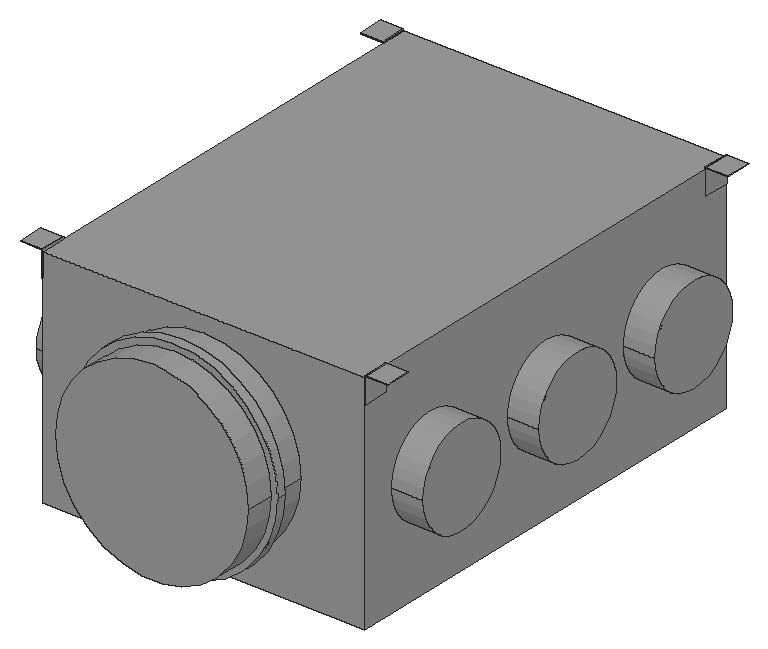
Revit family "FASU(F6-150 300Φ)", category ダクト付属品, Revit 2021
Family settings
  丸型コネクタ寸法 = 直径を使用
  パーツ タイプ = ダンパー
  OmniClass 番号 = 23.75.00.00
  OmniClass タイトル = Climate Control (HVAC)
  作業面ベース = いいえ
  常に垂直 = はい
  ロード時にボイドで切り取り = いいえ
  共有 = いいえ
Parameters
  高さ = 350 mm
  風量 = 0.0 L/s
  符号 = "FASU"
  形式 = "F6-150 300φ"
  幅 [instance] = 500 mm
  奥行き = 700 mm
  大きさ = 250 mm
  呼称 = "FASUチャンバー"
  付属品_下端レベル [instance] = 0 mm
  マテリアル [instance] = 既定値
  ダクト_イン = 300 mm
  ダクト_アウト = 150 mm
  既定の高さ = 0 mm
Reference planes
  plane 1 "中心(正面/背面)": y = 0
  plane 2: z = 0
  plane 3 "中心(左/右)": x = 0
  plane 4: x = -250
  plane 5: x = 250
  plane 6: y = -700
  plane 7: z = 350
  plane 8: z = 175
  plane 9: z = 266.963
  plane 10: z = 86.159
  plane 11: x = -251
  plane 12: z = 313.122
  plane 13: z = 352.122
  plane 14: y = -350
Forms (mm)
  Extrusion 1, solid, material "既定値" <- "マテリアル"
    sketch origin (0, 0, 0) x (1, 0, 0) y (0, 1, 0)
      loop
        line (-250, 0) -> (-250, -700) -> (250, -700) -> (250, 0) -> (-250, 0)
    from 0 to 350
  Extrusion 2, solid, material "既定値" <- "マテリアル"
    sketch origin (0, -30, 0) x (1, 0, 0) y (0, 1, 0)
      loop
        line (-250, 30) -> (-251, 30) -> (-251, -10) -> (-250, -10) -> (-250, 30)
    from 313.122 to 350
  Extrusion 3, solid, material "既定値" <- "マテリアル"
    sketch origin (0, -30, 0) x (1, 0, 0) y (0, 1, 0)
      loop
        line (-285, 30) -> (-285, -10) -> (-251, -10) -> (-251, 30) -> (-285, 30)
    from 352.122 to 350
  Extrusion 4, solid, material "既定値" <- "マテリアル"
    sketch origin (0, -30, 0) x (-1, 0, 0) y (0, -1, 0)
      loop
        line (-250, -30) -> (-250, 10) -> (-251, 10) -> (-251, -30) -> (-250, -30)
    from 313.122 to 353.122
  Extrusion 5, solid, material "既定値" <- "マテリアル"
    sketch origin (0, -30, 0) x (-1, 0, 0) y (0, -1, 0)
      loop
        line (-285, -30) -> (-251, -30) -> (-251, 10) -> (-285, 10) -> (-285, -30)
    from 352.122 to 353.122
  Extrusion 6, solid, material "既定値" <- "マテリアル"
    sketch origin (0, -490, 0) x (1, 0, 0) y (0, 1, 0)
      loop
        line (-285, -170) -> (-285, -210) -> (-251, -210) -> (-251, -170) -> (-285, -170)
    from 352.122 to 353.122
  Extrusion 7, solid, material "既定値" <- "マテリアル"
    sketch origin (0, -490, 0) x (1, 0, 0) y (0, 1, 0)
      loop
        line (-250, -170) -> (-251, -170) -> (-251, -210) -> (-250, -210) -> (-250, -170)
    from 313.122 to 353.122
  Extrusion 8, solid, material "既定値" <- "マテリアル"
    sketch origin (0, -490, 0) x (-1, 0, 0) y (0, -1, 0)
      loop
        line (-285, 170) -> (-251, 170) -> (-251, 210) -> (-285, 210) -> (-285, 170)
    from 352.122 to 353.122
  Extrusion 9, solid, material "既定値" <- "マテリアル"
    sketch origin (0, -490, 0) x (-1, 0, 0) y (0, -1, 0)
      loop
        line (-250, 170) -> (-250, 210) -> (-251, 210) -> (-251, 170) -> (-250, 170)
    from 313.122 to 353.122
  Extrusion 10, solid, material "既定値" <- "マテリアル"
    sketch origin (550, -582.5, 0) x (0, -1, 0) y (0, 0, -1)
      loop
        circle (-232.5, -175) r 74.985
    from -300 to -250
  Extrusion 11, solid, material "既定値" <- "マテリアル"
    sketch origin (-550, -582.5, 0) x (0, -1, 0) y (0, 0, 1)
      loop
        circle (-232.5, 175) r 74.985
    from -300 to -250
  Extrusion 12, solid, material "既定値" <- "マテリアル"
    sketch origin (0, -700, 0) x (1, 0, 0) y (0, 0, 1)
      loop
        circle (0, 175) r 150
    from 0 to 42.5
  Extrusion 13, solid, material "既定値" <- "マテリアル"
    sketch origin (0, -743, 0) x (1, 0, 0) y (0, 0, 1)
      loop
        circle (0, 175) r 160
    from -0.5 to 14.5
  Extrusion 14, solid, material "既定値" <- "マテリアル"
    sketch origin (0, -757.5, 0) x (1, 0, 0) y (0, 0, 1)
      loop
        circle (0, 175) r 150
    from 0 to 42.5
  Extrusion 15, solid, material "既定値" <- "マテリアル"
    sketch origin (550, -357.5, 0) x (0, -1, 0) y (0, 0, -1)
      loop
        circle (-232.5, -175) r 74.985
    from -300 to -250
  Extrusion 16, solid, material "既定値" <- "マテリアル"
    sketch origin (-550, -357.5, 0) x (0, -1, 0) y (0, 0, 1)
      loop
        circle (-232.5, 175) r 74.985
    from -300 to -250
  Extrusion 17, solid, material "既定値" <- "マテリアル"
    sketch origin (550, -142.5, 0) x (0, 1, 0) y (0, 0, 1)
      loop
        circle (-432.5, 175) r 74.985
    from -300 to -250
  Extrusion 18, solid, material "既定値" <- "マテリアル"
    sketch origin (0, -142.5, 0) x (0, 1, 0) y (0, 0, 1)
      loop
        circle (-432.5, 175) r 74.985
    from -300 to -250
Lines and regions (mm)
  model lines
    curve 1: line (-250, -30, 0) -> (250, -30, 0)
    curve 2: line (-250, -670, 0) -> (250, -670, 0)
Text (mm)
  text "FASU(F6-150 300Φ)" at (3.713, -630.412, 0), in view "参照レベル"
Dimensions and locks
  equal spacing: plane 4, plane 3 "中心(左/右)", plane 5
  "幅": plane 4 to plane 5
  "奥行き": plane 6 to plane 1 "中心(正面/背面)"
  "高さ": plane 7 to level
  equal spacing: plane 7, plane 8, level
  equal spacing: plane 6, plane 14, plane 1 "中心(正面/背面)"
  aligned and locked: level to plane 2
  aligned and locked: Extrusion 1 sketch curve to plane 5
  aligned and locked: plane 7 to Extrusion 1
  aligned and locked: Extrusion 2 sketch curve to Extrusion 1
  aligned and locked: plane 7 to Extrusion 2
  aligned and locked: Extrusion 3 sketch curve to Extrusion 2
  aligned and locked: Extrusion 2 to Extrusion 3 sketch curve
  aligned and locked: plane 7 to Extrusion 3
  aligned and locked: Extrusion 3 to plane 13
  aligned and locked: Extrusion 4 to Extrusion 5 sketch curve
  aligned and locked: Extrusion 5 sketch curve to Extrusion 4
  aligned and locked: Extrusion 1 to Extrusion 8
  aligned and locked: Extrusion 6 to Extrusion 1
  aligned and locked: Extrusion 7 to Extrusion 1
  aligned and locked: Extrusion 1 to Extrusion 9
  aligned and locked: Extrusion 9 to Extrusion 8
  aligned and locked: Extrusion 7 to Extrusion 6
  aligned and locked: plane 4 to Extrusion 7
  aligned and locked: Extrusion 9 to plane 5
  aligned and locked: plane 4 to curve 1
  aligned and locked: plane 5 to curve 1
  aligned and locked: plane 5 to curve 2
  aligned and locked: Extrusion 1 to Extrusion 3
  aligned and locked: Extrusion 5 to Extrusion 1
  aligned and locked: Extrusion 4 to plane 5
  aligned and locked: Extrusion 1 to plane 6
  aligned and locked: Extrusion 1 to plane 1 "中心(正面/背面)"
  aligned and locked: plane 6 to Extrusion 12
  aligned and locked: Extrusion 15 to plane 5
  aligned and locked: plane 4 to Extrusion 16
  aligned and locked: Extrusion 17 to plane 5
  aligned and locked: plane 4 to Extrusion 18
Automatic sketch dimensions
  curve 2 to plane 4 = 0 mm
  plane 6 to curve 2 = 30 mm
  plane 1 "中心(正面/背面)" to curve 1 = 30 mm
  Extrusion 1 sketch curve to plane 4 = 0 mm
  Extrusion 1 sketch curve to plane 6 = 0 mm
  plane 1 "中心(正面/背面)" to Extrusion 1 sketch curve = 0 mm
  plane 1 "中心(正面/背面)" to Extrusion 2 sketch curve = 0 mm
  Extrusion 2 sketch curve to plane 11 = 0 mm
  Extrusion 2 sketch curve to Extrusion 2 sketch curve = 40 mm
  plane 1 "中心(正面/背面)" to Extrusion 3 sketch curve = 0 mm
  Extrusion 3 sketch curve to Extrusion 3 sketch curve = 34 mm
  plane 1 "中心(正面/背面)" to Extrusion 4 sketch curve = 0 mm
  Extrusion 4 sketch curve to plane 5 = 0 mm
  Extrusion 4 sketch curve to Extrusion 4 sketch curve = 1 mm
  Extrusion 4 sketch curve to Extrusion 4 sketch curve = 40 mm
  plane 1 "中心(正面/背面)" to Extrusion 5 sketch curve = 0 mm
  Extrusion 5 sketch curve to Extrusion 5 sketch curve = 34 mm
  Extrusion 6 sketch curve to plane 6 = 0 mm
  Extrusion 6 sketch curve to plane 11 = 0 mm
  Extrusion 6 sketch curve to plane 11 = 34 mm
  plane 6 to Extrusion 6 sketch curve = 40 mm
  Extrusion 7 sketch curve to plane 11 = 0 mm
  Extrusion 7 sketch curve to plane 4 = 0 mm
  Extrusion 7 sketch curve to plane 6 = 0 mm
  plane 6 to Extrusion 7 sketch curve = 40 mm
  Extrusion 8 sketch curve to plane 6 = 0 mm
  Extrusion 8 sketch curve to plane 5 = 35 mm
  Extrusion 8 sketch curve to plane 5 = 1 mm
  Extrusion 8 sketch curve to Extrusion 8 sketch curve = 40 mm
  Extrusion 9 sketch curve to plane 6 = 0 mm
  Extrusion 9 sketch curve to plane 5 = 0 mm
  Extrusion 9 sketch curve to Extrusion 9 sketch curve = 1 mm
  Extrusion 9 sketch curve to Extrusion 9 sketch curve = 40 mm
  Extrusion 10 sketch curve to plane 8 = 0 mm
  Extrusion 10 sketch curve to plane 14 = 0 mm
  Extrusion 11 sketch curve to plane 8 = 0 mm
  Extrusion 11 sketch curve to plane 14 = 0 mm
  Extrusion 12 sketch curve to plane 3 "中心(左/右)" = 0 mm
  Extrusion 12 sketch curve to plane 8 = 0 mm
  Extrusion 13 sketch curve to plane 3 "中心(左/右)" = 0 mm
  Extrusion 13 sketch curve to plane 8 = 0 mm
  Extrusion 14 sketch curve to plane 3 "中心(左/右)" = 0 mm
  Extrusion 14 sketch curve to plane 8 = 0 mm
  Extrusion 15 sketch curve to plane 8 = 0 mm
  plane 1 "中心(正面/背面)" to Extrusion 15 sketch curve = 125 mm
  Extrusion 16 sketch curve to plane 8 = 0 mm
  plane 1 "中心(正面/背面)" to Extrusion 16 sketch curve = 125 mm
  Extrusion 17 sketch curve to plane 8 = 0 mm
  plane 6 to Extrusion 17 sketch curve = 125 mm
  Extrusion 18 sketch curve to plane 8 = 0 mm
  plane 6 to Extrusion 18 sketch curve = 125 mm
  radius of Extrusion 10 sketch curve = 74.985 mm
  radius of Extrusion 11 sketch curve = 74.985 mm
  radius of Extrusion 12 sketch curve = 150 mm
  radius of Extrusion 13 sketch curve = 160 mm
  radius of Extrusion 14 sketch curve = 150 mm
  radius of Extrusion 15 sketch curve = 74.985 mm
  radius of Extrusion 16 sketch curve = 74.985 mm
  radius of Extrusion 17 sketch curve = 74.985 mm
  radius of Extrusion 18 sketch curve = 74.985 mm
Connectors
  hvac at (-300, -575, 175), driven by "ダクト_アウト"
    settings: on Extrusion 18, index 1, duct flow 0.0 L/s, flow factor 0, pres drop 0.0 Pa, loss coef 0, conn angle 0.00°, conn width 304.8 mm, conn height 304.8 mm, conn diameter 150 mm, duct sys type 29, conn prof type 0, flow config 0, flow direction 2, loss method 0, conn ref index -1, conn util no, is conn primary yes, conn desc ""
  hvac at (-300, -350, 175), driven by "ダクト_アウト"
    settings: on Extrusion 11, index 2, duct flow 0.0 L/s, flow factor 0, pres drop 0.0 Pa, loss coef 0, conn angle 0.00°, conn width 304.8 mm, conn height 304.8 mm, conn diameter 150 mm, duct sys type 29, conn prof type 0, flow config 0, flow direction 2, loss method 0, conn ref index -1, conn util no, is conn primary no, conn desc ""
  hvac at (-300, -125, 175), driven by "ダクト_アウト"
    settings: on Extrusion 16, index 3, duct flow 0.0 L/s, flow factor 0, pres drop 0.0 Pa, loss coef 0, conn angle 0.00°, conn width 304.8 mm, conn height 304.8 mm, conn diameter 150 mm, duct sys type 29, conn prof type 0, flow config 0, flow direction 2, loss method 0, conn ref index -1, conn util no, is conn primary no, conn desc ""
  hvac at (300, -575, 175), driven by "ダクト_アウト"
    settings: on Extrusion 17, index 4, duct flow 0.0 L/s, flow factor 0, pres drop 0.0 Pa, loss coef 0, conn angle 0.00°, conn width 304.8 mm, conn height 304.8 mm, conn diameter 150 mm, duct sys type 29, conn prof type 0, flow config 0, flow direction 2, loss method 0, conn ref index -1, conn util no, is conn primary no, conn desc ""
  hvac at (300, -350, 175), driven by "ダクト_アウト"
    settings: on Extrusion 10, index 5, duct flow 0.0 L/s, flow factor 0, pres drop 0.0 Pa, loss coef 0, conn angle 0.00°, conn width 304.8 mm, conn height 304.8 mm, conn diameter 150 mm, duct sys type 29, conn prof type 0, flow config 0, flow direction 2, loss method 0, conn ref index -1, conn util no, is conn primary no, conn desc ""
  hvac at (300, -125, 175), driven by "ダクト_アウト"
    settings: on Extrusion 15, index 6, duct flow 0.0 L/s, flow factor 0, pres drop 0.0 Pa, loss coef 0, conn angle 0.00°, conn width 304.8 mm, conn height 304.8 mm, conn diameter 150 mm, duct sys type 29, conn prof type 0, flow config 0, flow direction 2, loss method 0, conn ref index -1, conn util no, is conn primary no, conn desc ""
  hvac at (0, -800, 175), driven by "ダクト_イン"
    settings: on Extrusion 14, index 7, duct flow 0.0 L/s, flow factor 0, pres drop 0.0 Pa, loss coef 0, conn angle 0.00°, conn width 304.8 mm, conn height 304.8 mm, conn diameter 300 mm, duct sys type 29, conn prof type 0, flow config 0, flow direction 1, loss method 0, conn ref index -1, conn util no, is conn primary no, conn desc ""
